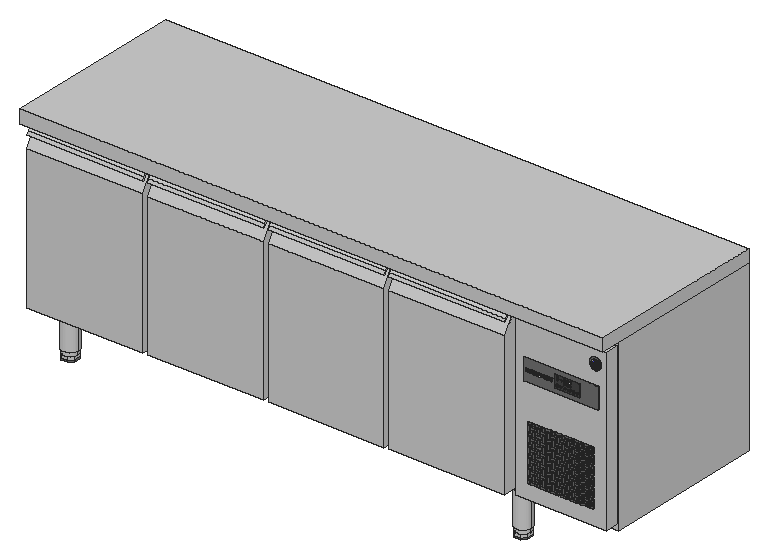
Revit family "QF_HOSHIZAKI_899040840", category Specialty Equipment, Revit 2016 (continued)
Definition of nested family "QF_HOSHIZAKI_899040840_230V_1Ph_50Hz"
  Definition of nested family "Control-panel"
    Forms (mm)
      Extrusion 1, solid
        sketch origin (-3653, 19.5, -135) x (-1, 0, 0) y (0, 0, 1)
          loop
            line (-3881.025, 276.976) -> (-3881.025, 283.976) -> (-3888.025, 283.976) -> (-3888.025, 276.976) -> (-3881.025, 276.976)
          loop
            line (-3862.025, 276.976) -> (-3862.025, 283.976) -> (-3869.025, 283.976) -> (-3869.025, 276.976) -> (-3862.025, 276.976)
          loop
            line (-3843.025, 276.976) -> (-3843.025, 283.976) -> (-3850.025, 283.976) -> (-3850.025, 276.976) -> (-3843.025, 276.976)
          loop
            line (-3824.025, 276.976) -> (-3824.025, 283.976) -> (-3831.025, 283.976) -> (-3831.025, 276.976) -> (-3824.025, 276.976)
          loop
            line (-3805.025, 276.976) -> (-3805.025, 283.976) -> (-3812.025, 283.976) -> (-3812.025, 276.976) -> (-3805.025, 276.976)
          loop
            line (-3786.025, 276.976) -> (-3786.025, 283.976) -> (-3793.025, 283.976) -> (-3793.025, 276.976) -> (-3786.025, 276.976)
          loop
            line (-3767.025, 276.976) -> (-3767.025, 283.976) -> (-3774.025, 283.976) -> (-3774.025, 276.976) -> (-3767.025, 276.976)
          loop
            line (-3748.025, 276.976) -> (-3748.025, 283.976) -> (-3755.025, 283.976) -> (-3755.025, 276.976) -> (-3748.025, 276.976)
          loop
            line (-3729.025, 276.976) -> (-3729.025, 283.976) -> (-3736.025, 283.976) -> (-3736.025, 276.976) -> (-3729.025, 276.976)
          loop
            line (-3710.025, 276.976) -> (-3710.025, 283.976) -> (-3717.025, 283.976) -> (-3717.025, 276.976) -> (-3710.025, 276.976)
          loop
            arc (-3719.5, 279.986) -> (-3723, 283.486) -> (-3726.5, 279.986) r 3.5
            line (-3726.5, 279.986) -> (-3726.5, 261.986)
            arc (-3726.5, 261.986) -> (-3723, 258.486) -> (-3719.5, 261.986) r 3.5
            line (-3719.5, 261.986) -> (-3719.5, 279.986)
          loop
            arc (-3757.5, 279.986) -> (-3761, 283.486) -> (-3764.5, 279.986) r 3.5
            line (-3764.5, 279.986) -> (-3764.5, 261.986)
            arc (-3764.5, 261.986) -> (-3761, 258.486) -> (-3757.5, 261.986) r 3.5
            line (-3757.5, 261.986) -> (-3757.5, 279.986)
          loop
            arc (-3795.5, 279.986) -> (-3799, 283.486) -> (-3802.5, 279.986) r 3.5
            line (-3802.5, 279.986) -> (-3802.5, 261.986)
            arc (-3802.5, 261.986) -> (-3799, 258.486) -> (-3795.5, 261.986) r 3.5
            line (-3795.5, 261.986) -> (-3795.5, 279.986)
          loop
            arc (-3833.5, 279.986) -> (-3837, 283.486) -> (-3840.5, 279.986) r 3.5
            line (-3840.5, 279.986) -> (-3840.5, 261.986)
            arc (-3840.5, 261.986) -> (-3837, 258.486) -> (-3833.5, 261.986) r 3.5
            line (-3833.5, 261.986) -> (-3833.5, 279.986)
          loop
            arc (-3871.5, 279.986) -> (-3875, 283.486) -> (-3878.5, 279.986) r 3.5
            line (-3878.5, 279.986) -> (-3878.5, 261.986)
            arc (-3878.5, 261.986) -> (-3875, 258.486) -> (-3871.5, 261.986) r 3.5
            line (-3871.5, 261.986) -> (-3871.5, 279.986)
          loop
            arc (-3909.5, 279.986) -> (-3913, 283.486) -> (-3916.5, 279.986) r 3.5
            line (-3916.5, 279.986) -> (-3916.5, 261.986)
            arc (-3916.5, 261.986) -> (-3913, 258.486) -> (-3909.5, 261.986) r 3.5
            line (-3909.5, 261.986) -> (-3909.5, 279.986)
          loop
            arc (-3951, 292.986) -> (-3954, 289.986) -> (-3951, 286.986) r 3
            line (-3951, 286.986) -> (-3942, 286.986)
            arc (-3942, 286.986) -> (-3939, 289.986) -> (-3942, 292.986) r 3
            line (-3942, 292.986) -> (-3951, 292.986)
          loop
            arc (-3947.5, 279.986) -> (-3951, 283.486) -> (-3954.5, 279.986) r 3.5
            line (-3954.5, 279.986) -> (-3954.5, 261.986)
            arc (-3954.5, 261.986) -> (-3951, 258.486) -> (-3947.5, 261.986) r 3.5
            line (-3947.5, 261.986) -> (-3947.5, 279.986)
          loop
            arc (-3941, 274.486) -> (-3944.5, 270.986) -> (-3941, 267.486) r 3.5
            line (-3941, 267.486) -> (-3923, 267.486)
            arc (-3923, 267.486) -> (-3919.5, 270.986) -> (-3923, 274.486) r 3.5
            line (-3923, 274.486) -> (-3941, 274.486)
          loop
            arc (-3903, 274.486) -> (-3906.5, 270.986) -> (-3903, 267.486) r 3.5
            line (-3903, 267.486) -> (-3885, 267.486)
            arc (-3885, 267.486) -> (-3881.5, 270.986) -> (-3885, 274.486) r 3.5
            line (-3885, 274.486) -> (-3903, 274.486)
          loop
            arc (-3865, 274.486) -> (-3868.5, 270.986) -> (-3865, 267.486) r 3.5
            line (-3865, 267.486) -> (-3847, 267.486)
            arc (-3847, 267.486) -> (-3843.5, 270.986) -> (-3847, 274.486) r 3.5
            line (-3847, 274.486) -> (-3865, 274.486)
          loop
            arc (-3827, 274.486) -> (-3830.5, 270.986) -> (-3827, 267.486) r 3.5
            line (-3827, 267.486) -> (-3809, 267.486)
            arc (-3809, 267.486) -> (-3805.5, 270.986) -> (-3809, 274.486) r 3.5
            line (-3809, 274.486) -> (-3827, 274.486)
          loop
            arc (-3789, 274.486) -> (-3792.5, 270.986) -> (-3789, 267.486) r 3.5
            line (-3789, 267.486) -> (-3771, 267.486)
            arc (-3771, 267.486) -> (-3767.5, 270.986) -> (-3771, 274.486) r 3.5
            line (-3771, 274.486) -> (-3789, 274.486)
          loop
            arc (-3751, 274.486) -> (-3754.5, 270.986) -> (-3751, 267.486) r 3.5
            line (-3751, 267.486) -> (-3733, 267.486)
            arc (-3733, 267.486) -> (-3729.5, 270.986) -> (-3733, 274.486) r 3.5
            line (-3733, 274.486) -> (-3751, 274.486)
          loop
            arc (-3713, 274.486) -> (-3716.5, 270.986) -> (-3713, 267.486) r 3.5
            line (-3713, 267.486) -> (-3704, 267.486)
            arc (-3704, 267.486) -> (-3700.5, 270.986) -> (-3704, 274.486) r 3.5
            line (-3704, 274.486) -> (-3713, 274.486)
          loop
            line (-3938.025, 264.996) -> (-3945.025, 264.996) -> (-3945.025, 257.996) -> (-3938.025, 257.996) -> (-3938.025, 264.996)
          loop
            line (-3919.025, 264.996) -> (-3926.025, 264.996) -> (-3926.025, 257.996) -> (-3919.025, 257.996) -> (-3919.025, 264.996)
          loop
            line (-3900.025, 264.996) -> (-3907.025, 264.996) -> (-3907.025, 257.996) -> (-3900.025, 257.996) -> (-3900.025, 264.996)
          loop
            line (-3881.025, 264.996) -> (-3888.025, 264.996) -> (-3888.025, 257.996) -> (-3881.025, 257.996) -> (-3881.025, 264.996)
          loop
            line (-3862.025, 264.996) -> (-3869.025, 264.996) -> (-3869.025, 257.996) -> (-3862.025, 257.996) -> (-3862.025, 264.996)
          loop
            line (-3843.025, 264.996) -> (-3850.025, 264.996) -> (-3850.025, 257.996) -> (-3843.025, 257.996) -> (-3843.025, 264.996)
          loop
            line (-3824.025, 264.996) -> (-3831.025, 264.996) -> (-3831.025, 257.996) -> (-3824.025, 257.996) -> (-3824.025, 264.996)
          loop
            line (-3805.025, 264.996) -> (-3812.025, 264.996) -> (-3812.025, 257.996) -> (-3805.025, 257.996) -> (-3805.025, 264.996)
          loop
            line (-3786.025, 264.996) -> (-3793.025, 264.996) -> (-3793.025, 257.996) -> (-3786.025, 257.996) -> (-3786.025, 264.996)
          loop
            line (-3767.025, 264.996) -> (-3774.025, 264.996) -> (-3774.025, 257.996) -> (-3767.025, 257.996) -> (-3767.025, 264.996)
          loop
            line (-3748.025, 264.996) -> (-3755.025, 264.996) -> (-3755.025, 257.996) -> (-3748.025, 257.996) -> (-3748.025, 264.996)
          loop
            line (-3729.025, 264.996) -> (-3736.025, 264.996) -> (-3736.025, 257.996) -> (-3729.025, 257.996) -> (-3729.025, 264.996)
          loop
            line (-3710.025, 264.996) -> (-3717.025, 264.996) -> (-3717.025, 257.996) -> (-3710.025, 257.996) -> (-3710.025, 264.996)
          loop
            line (-3935.5, 260.986) -> (-3935.5, 242.986)
            arc (-3935.5, 242.986) -> (-3932, 239.486) -> (-3928.5, 242.986) r 3.5
            line (-3928.5, 242.986) -> (-3928.5, 260.986)
            arc (-3928.5, 260.986) -> (-3932, 264.486) -> (-3935.5, 260.986) r 3.5
          loop
            line (-3897.5, 260.986) -> (-3897.5, 242.986)
            arc (-3897.5, 242.986) -> (-3894, 239.486) -> (-3890.5, 242.986) r 3.5
            line (-3890.5, 242.986) -> (-3890.5, 260.986)
            arc (-3890.5, 260.986) -> (-3894, 264.486) -> (-3897.5, 260.986) r 3.5
          loop
            line (-3859.5, 260.986) -> (-3859.5, 242.986)
            arc (-3859.5, 242.986) -> (-3856, 239.486) -> (-3852.5, 242.986) r 3.5
            line (-3852.5, 242.986) -> (-3852.5, 260.986)
            arc (-3852.5, 260.986) -> (-3856, 264.486) -> (-3859.5, 260.986) r 3.5
          loop
            line (-3821.5, 260.986) -> (-3821.5, 242.986)
            arc (-3821.5, 242.986) -> (-3818, 239.486) -> (-3814.5, 242.986) r 3.5
            line (-3814.5, 242.986) -> (-3814.5, 260.986)
            arc (-3814.5, 260.986) -> (-3818, 264.486) -> (-3821.5, 260.986) r 3.5
          loop
            line (-3783.5, 260.986) -> (-3783.5, 242.986)
            arc (-3783.5, 242.986) -> (-3780, 239.486) -> (-3776.5, 242.986) r 3.5
            line (-3776.5, 242.986) -> (-3776.5, 260.986)
            arc (-3776.5, 260.986) -> (-3780, 264.486) -> (-3783.5, 260.986) r 3.5
          loop
            line (-3745.5, 260.986) -> (-3745.5, 242.986)
            arc (-3745.5, 242.986) -> (-3742, 239.486) -> (-3738.5, 242.986) r 3.5
            line (-3738.5, 242.986) -> (-3738.5, 260.986)
            arc (-3738.5, 260.986) -> (-3742, 264.486) -> (-3745.5, 260.986) r 3.5
          loop
            line (-3707.5, 260.986) -> (-3707.5, 242.986)
            arc (-3707.5, 242.986) -> (-3704, 239.486) -> (-3700.5, 242.986) r 3.5
            line (-3700.5, 242.986) -> (-3700.5, 260.986)
            arc (-3700.5, 260.986) -> (-3704, 264.486) -> (-3707.5, 260.986) r 3.5
          loop
            arc (-3922, 255.486) -> (-3925.5, 251.986) -> (-3922, 248.486) r 3.5
            line (-3922, 248.486) -> (-3904, 248.486)
            arc (-3904, 248.486) -> (-3900.5, 251.986) -> (-3904, 255.486) r 3.5
            line (-3904, 255.486) -> (-3922, 255.486)
          loop
            arc (-3884, 255.486) -> (-3887.5, 251.986) -> (-3884, 248.486) r 3.5
            line (-3884, 248.486) -> (-3866, 248.486)
            arc (-3866, 248.486) -> (-3862.5, 251.986) -> (-3866, 255.486) r 3.5
            line (-3866, 255.486) -> (-3884, 255.486)
          loop
            arc (-3846, 255.486) -> (-3849.5, 251.986) -> (-3846, 248.486) r 3.5
            line (-3846, 248.486) -> (-3828, 248.486)
            arc (-3828, 248.486) -> (-3824.5, 251.986) -> (-3828, 255.486) r 3.5
            line (-3828, 255.486) -> (-3846, 255.486)
          loop
            arc (-3808, 255.486) -> (-3811.5, 251.986) -> (-3808, 248.486) r 3.5
            line (-3808, 248.486) -> (-3790, 248.486)
            arc (-3790, 248.486) -> (-3786.5, 251.986) -> (-3790, 255.486) r 3.5
            line (-3790, 255.486) -> (-3808, 255.486)
          loop
            arc (-3770, 255.486) -> (-3773.5, 251.986) -> (-3770, 248.486) r 3.5
            line (-3770, 248.486) -> (-3752, 248.486)
            arc (-3752, 248.486) -> (-3748.5, 251.986) -> (-3752, 255.486) r 3.5
            line (-3752, 255.486) -> (-3770, 255.486)
          loop
            arc (-3732, 255.486) -> (-3735.5, 251.986) -> (-3732, 248.486) r 3.5
            line (-3732, 248.486) -> (-3714, 248.486)
            arc (-3714, 248.486) -> (-3710.5, 251.986) -> (-3714, 255.486) r 3.5
            line (-3714, 255.486) -> (-3732, 255.486)
          loop
            line (-3938.025, 238.976) -> (-3938.025, 245.976) -> (-3945.025, 245.976) -> (-3945.025, 238.976) -> (-3938.025, 238.976)
          loop
            line (-3919.025, 238.976) -> (-3919.025, 245.976) -> (-3926.025, 245.976) -> (-3926.025, 238.976) -> (-3919.025, 238.976)
          loop
            line (-3900.025, 238.976) -> (-3900.025, 245.976) -> (-3907.025, 245.976) -> (-3907.025, 238.976) -> (-3900.025, 238.976)
          loop
            line (-3881.025, 238.976) -> (-3881.025, 245.976) -> (-3888.025, 245.976) -> (-3888.025, 238.976) -> (-3881.025, 238.976)
          loop
            line (-3862.025, 238.976) -> (-3862.025, 245.976) -> (-3869.025, 245.976) -> (-3869.025, 238.976) -> (-3862.025, 238.976)
          loop
            line (-3843.025, 238.976) -> (-3843.025, 245.976) -> (-3850.025, 245.976) -> (-3850.025, 238.976) -> (-3843.025, 238.976)
          loop
            line (-3824.025, 238.976) -> (-3824.025, 245.976) -> (-3831.025, 245.976) -> (-3831.025, 238.976) -> (-3824.025, 238.976)
          loop
            line (-3805.025, 238.976) -> (-3805.025, 245.976) -> (-3812.025, 245.976) -> (-3812.025, 238.976) -> (-3805.025, 238.976)
          loop
            line (-3786.025, 238.976) -> (-3786.025, 245.976) -> (-3793.025, 245.976) -> (-3793.025, 238.976) -> (-3786.025, 238.976)
          loop
            line (-3767.025, 238.976) -> (-3767.025, 245.976) -> (-3774.025, 245.976) -> (-3774.025, 238.976) -> (-3767.025, 238.976)
          loop
            line (-3748.025, 238.976) -> (-3748.025, 245.976) -> (-3755.025, 245.976) -> (-3755.025, 238.976) -> (-3748.025, 238.976)
          loop
            line (-3729.025, 238.976) -> (-3729.025, 245.976) -> (-3736.025, 245.976) -> (-3736.025, 238.976) -> (-3729.025, 238.976)
          loop
            line (-3710.025, 238.976) -> (-3710.025, 245.976) -> (-3717.025, 245.976) -> (-3717.025, 238.976) -> (-3710.025, 238.976)
          loop
            arc (-3719.5, 241.986) -> (-3723, 245.486) -> (-3726.5, 241.986) r 3.5
            line (-3726.5, 241.986) -> (-3726.5, 223.986)
            arc (-3726.5, 223.986) -> (-3723, 220.486) -> (-3719.5, 223.986) r 3.5
            line (-3719.5, 223.986) -> (-3719.5, 241.986)
          loop
            arc (-3757.5, 241.986) -> (-3761, 245.486) -> (-3764.5, 241.986) r 3.5
            line (-3764.5, 241.986) -> (-3764.5, 223.986)
            arc (-3764.5, 223.986) -> (-3761, 220.486) -> (-3757.5, 223.986) r 3.5
            line (-3757.5, 223.986) -> (-3757.5, 241.986)
          loop
            arc (-3795.5, 241.986) -> (-3799, 245.486) -> (-3802.5, 241.986) r 3.5
            line (-3802.5, 241.986) -> (-3802.5, 223.986)
            arc (-3802.5, 223.986) -> (-3799, 220.486) -> (-3795.5, 223.986) r 3.5
            line (-3795.5, 223.986) -> (-3795.5, 241.986)
          loop
            arc (-3833.5, 241.986) -> (-3837, 245.486) -> (-3840.5, 241.986) r 3.5
            line (-3840.5, 241.986) -> (-3840.5, 223.986)
            arc (-3840.5, 223.986) -> (-3837, 220.486) -> (-3833.5, 223.986) r 3.5
            line (-3833.5, 223.986) -> (-3833.5, 241.986)
          loop
            arc (-3871.5, 241.986) -> (-3875, 245.486) -> (-3878.5, 241.986) r 3.5
            line (-3878.5, 241.986) -> (-3878.5, 223.986)
            arc (-3878.5, 223.986) -> (-3875, 220.486) -> (-3871.5, 223.986) r 3.5
            line (-3871.5, 223.986) -> (-3871.5, 241.986)
          loop
            arc (-3909.5, 241.986) -> (-3913, 245.486) -> (-3916.5, 241.986) r 3.5
            line (-3916.5, 241.986) -> (-3916.5, 223.986)
            arc (-3916.5, 223.986) -> (-3913, 220.486) -> (-3909.5, 223.986) r 3.5
            line (-3909.5, 223.986) -> (-3909.5, 241.986)
          loop
            arc (-3951, 254.986) -> (-3954, 251.986) -> (-3951, 248.986) r 3
            line (-3951, 248.986) -> (-3942, 248.986)
            arc (-3942, 248.986) -> (-3939, 251.986) -> (-3942, 254.986) r 3
            line (-3942, 254.986) -> (-3951, 254.986)
          loop
            arc (-3947.5, 241.986) -> (-3951, 245.486) -> (-3954.5, 241.986) r 3.5
            line (-3954.5, 241.986) -> (-3954.5, 223.986)
            arc (-3954.5, 223.986) -> (-3951, 220.486) -> (-3947.5, 223.986) r 3.5
            line (-3947.5, 223.986) -> (-3947.5, 241.986)
          loop
            arc (-3941, 236.486) -> (-3944.5, 232.986) -> (-3941, 229.486) r 3.5
            line (-3941, 229.486) -> (-3923, 229.486)
            arc (-3923, 229.486) -> (-3919.5, 232.986) -> (-3923, 236.486) r 3.5
            line (-3923, 236.486) -> (-3941, 236.486)
          loop
            arc (-3903, 236.486) -> (-3906.5, 232.986) -> (-3903, 229.486) r 3.5
            line (-3903, 229.486) -> (-3885, 229.486)
            arc (-3885, 229.486) -> (-3881.5, 232.986) -> (-3885, 236.486) r 3.5
            line (-3885, 236.486) -> (-3903, 236.486)
          loop
            arc (-3865, 236.486) -> (-3868.5, 232.986) -> (-3865, 229.486) r 3.5
            line (-3865, 229.486) -> (-3847, 229.486)
            arc (-3847, 229.486) -> (-3843.5, 232.986) -> (-3847, 236.486) r 3.5
            line (-3847, 236.486) -> (-3865, 236.486)
          loop
            arc (-3827, 236.486) -> (-3830.5, 232.986) -> (-3827, 229.486) r 3.5
            line (-3827, 229.486) -> (-3809, 229.486)
            arc (-3809, 229.486) -> (-3805.5, 232.986) -> (-3809, 236.486) r 3.5
            line (-3809, 236.486) -> (-3827, 236.486)
          loop
            arc (-3789, 236.486) -> (-3792.5, 232.986) -> (-3789, 229.486) r 3.5
            line (-3789, 229.486) -> (-3771, 229.486)
            arc (-3771, 229.486) -> (-3767.5, 232.986) -> (-3771, 236.486) r 3.5
            line (-3771, 236.486) -> (-3789, 236.486)
          loop
            arc (-3751, 236.486) -> (-3754.5, 232.986) -> (-3751, 229.486) r 3.5
            line (-3751, 229.486) -> (-3733, 229.486)
            arc (-3733, 229.486) -> (-3729.5, 232.986) -> (-3733, 236.486) r 3.5
            line (-3733, 236.486) -> (-3751, 236.486)
          loop
            arc (-3713, 236.486) -> (-3716.5, 232.986) -> (-3713, 229.486) r 3.5
            line (-3713, 229.486) -> (-3704, 229.486)
            arc (-3704, 229.486) -> (-3700.5, 232.986) -> (-3704, 236.486) r 3.5
            line (-3704, 236.486) -> (-3713, 236.486)
          loop
            line (-3938.025, 226.996) -> (-3945.025, 226.996) -> (-3945.025, 219.996) -> (-3938.025, 219.996) -> (-3938.025, 226.996)
          loop
            line (-3919.025, 226.996) -> (-3926.025, 226.996) -> (-3926.025, 219.996) -> (-3919.025, 219.996) -> (-3919.025, 226.996)
          loop
            line (-3900.025, 226.996) -> (-3907.025, 226.996) -> (-3907.025, 219.996) -> (-3900.025, 219.996) -> (-3900.025, 226.996)
          loop
            line (-3881.025, 226.996) -> (-3888.025, 226.996) -> (-3888.025, 219.996) -> (-3881.025, 219.996) -> (-3881.025, 226.996)
          loop
            line (-3862.025, 226.996) -> (-3869.025, 226.996) -> (-3869.025, 219.996) -> (-3862.025, 219.996) -> (-3862.025, 226.996)
          loop
            line (-3843.025, 226.996) -> (-3850.025, 226.996) -> (-3850.025, 219.996) -> (-3843.025, 219.996) -> (-3843.025, 226.996)
          loop
            line (-3824.025, 226.996) -> (-3831.025, 226.996) -> (-3831.025, 219.996) -> (-3824.025, 219.996) -> (-3824.025, 226.996)
          loop
            line (-3805.025, 226.996) -> (-3812.025, 226.996) -> (-3812.025, 219.996) -> (-3805.025, 219.996) -> (-3805.025, 226.996)
          loop
            line (-3786.025, 226.996) -> (-3793.025, 226.996) -> (-3793.025, 219.996) -> (-3786.025, 219.996) -> (-3786.025, 226.996)
          loop
            line (-3767.025, 226.996) -> (-3774.025, 226.996) -> (-3774.025, 219.996) -> (-3767.025, 219.996) -> (-3767.025, 226.996)
          loop
            line (-3748.025, 226.996) -> (-3755.025, 226.996) -> (-3755.025, 219.996) -> (-3748.025, 219.996) -> (-3748.025, 226.996)
          loop
            line (-3729.025, 226.996) -> (-3736.025, 226.996) -> (-3736.025, 219.996) -> (-3729.025, 219.996) -> (-3729.025, 226.996)
          loop
            line (-3710.025, 226.996) -> (-3717.025, 226.996) -> (-3717.025, 219.996) -> (-3710.025, 219.996) -> (-3710.025, 226.996)
          loop
            arc (-3922, 217.486) -> (-3925.5, 213.986) -> (-3922, 210.486) r 3.5
            line (-3922, 210.486) -> (-3904, 210.486)
            arc (-3904, 210.486) -> (-3900.5, 213.986) -> (-3904, 217.486) r 3.5
            line (-3904, 217.486) -> (-3922, 217.486)
          loop
            arc (-3884, 217.486) -> (-3887.5, 213.986) -> (-3884, 210.486) r 3.5
            line (-3884, 210.486) -> (-3866, 210.486)
            arc (-3866, 210.486) -> (-3862.5, 213.986) -> (-3866, 217.486) r 3.5
            line (-3866, 217.486) -> (-3884, 217.486)
          loop
            arc (-3846, 217.486) -> (-3849.5, 213.986) -> (-3846, 210.486) r 3.5
            line (-3846, 210.486) -> (-3828, 210.486)
            arc (-3828, 210.486) -> (-3824.5, 213.986) -> (-3828, 217.486) r 3.5
            line (-3828, 217.486) -> (-3846, 217.486)
          loop
            arc (-3808, 217.486) -> (-3811.5, 213.986) -> (-3808, 210.486) r 3.5
            line (-3808, 210.486) -> (-3790, 210.486)
            arc (-3790, 210.486) -> (-3786.5, 213.986) -> (-3790, 217.486) r 3.5
            line (-3790, 217.486) -> (-3808, 217.486)
          loop
            arc (-3770, 217.486) -> (-3773.5, 213.986) -> (-3770, 210.486) r 3.5
            line (-3770, 210.486) -> (-3752, 210.486)
            arc (-3752, 210.486) -> (-3748.5, 213.986) -> (-3752, 217.486) r 3.5
            line (-3752, 217.486) -> (-3770, 217.486)
          loop
            arc (-3732, 217.486) -> (-3735.5, 213.986) -> (-3732, 210.486) r 3.5
            line (-3732, 210.486) -> (-3714, 210.486)
            arc (-3714, 210.486) -> (-3710.5, 213.986) -> (-3714, 217.486) r 3.5
            line (-3714, 217.486) -> (-3732, 217.486)
          loop
            arc (-3951, 216.986) -> (-3954, 213.986) -> (-3951, 210.986) r 3
            line (-3951, 210.986) -> (-3942, 210.986)
            arc (-3942, 210.986) -> (-3939, 213.986) -> (-3942, 216.986) r 3
            line (-3942, 216.986) -> (-3951, 216.986)
          loop
            arc (-3701, 223.486) -> (-3704, 226.486) -> (-3707, 223.486) r 3
            line (-3707, 223.486) -> (-3707, 214.486)
            arc (-3707, 214.486) -> (-3704, 211.486) -> (-3701, 214.486) r 3
            line (-3701, 214.486) -> (-3701, 223.486)
          loop
            arc (-3739, 223.486) -> (-3742, 226.486) -> (-3745, 223.486) r 3
            line (-3745, 223.486) -> (-3745, 214.486)
            arc (-3745, 214.486) -> (-3742, 211.486) -> (-3739, 214.486) r 3
            line (-3739, 214.486) -> (-3739, 223.486)
          loop
            arc (-3777, 223.486) -> (-3780, 226.486) -> (-3783, 223.486) r 3
            line (-3783, 223.486) -> (-3783, 214.486)
            arc (-3783, 214.486) -> (-3780, 211.486) -> (-3777, 214.486) r 3
            line (-3777, 214.486) -> (-3777, 223.486)
          loop
            arc (-3815, 223.486) -> (-3818, 226.486) -> (-3821, 223.486) r 3
            line (-3821, 223.486) -> (-3821, 214.486)
            arc (-3821, 214.486) -> (-3818, 211.486) -> (-3815, 214.486) r 3
            line (-3815, 214.486) -> (-3815, 223.486)
          loop
            arc (-3853, 223.486) -> (-3856, 226.486) -> (-3859, 223.486) r 3
            line (-3859, 223.486) -> (-3859, 214.486)
            arc (-3859, 214.486) -> (-3856, 211.486) -> (-3853, 214.486) r 3
            line (-3853, 214.486) -> (-3853, 223.486)
          loop
            arc (-3891, 223.486) -> (-3894, 226.486) -> (-3897, 223.486) r 3
            line (-3897, 223.486) -> (-3897, 214.486)
            arc (-3897, 214.486) -> (-3894, 211.486) -> (-3891, 214.486) r 3
            line (-3891, 214.486) -> (-3891, 223.486)
          loop
            arc (-3929, 223.486) -> (-3932, 226.486) -> (-3935, 223.486) r 3
            line (-3935, 223.486) -> (-3935, 214.486)
            arc (-3935, 214.486) -> (-3932, 211.486) -> (-3929, 214.486) r 3
            line (-3929, 214.486) -> (-3929, 223.486)
        from 5.5 to 7.5
      Extrusion 2, solid
        sketch origin (-1812, 19.5, -302.5) x (-1, 0, 0) y (0, 0, 1)
          loop
            line (-2131, 808) -> (-2131, 731)
            arc (-2131, 731) -> (-2130.121, 728.879) -> (-2128, 728) r 3
            line (-2128, 728) -> (-1845, 728)
            arc (-1845, 728) -> (-1842.879, 728.879) -> (-1842, 731) r 3
            line (-1842, 731) -> (-1842, 808)
            arc (-1842, 808) -> (-1842.879, 810.121) -> (-1845, 811) r 3
            line (-1845, 811) -> (-2128, 811)
            arc (-2128, 811) -> (-2130.121, 810.121) -> (-2131, 808) r 3
        from 5.5 to 7.5
      Extrusion 3, solid
        sketch origin (-1721.829, 19.5, -302.5) x (-1, 0, 0) y (0, 0, 1)
          loop
            line (-1873, 793) -> (-1968.159, 793) -> (-1968.159, 746) -> (-1873, 746) -> (-1873, 793)
        from 5 to 7.5
      Extrusion 4, solid, visible <- "Show Logo"
        sketch origin (-1807, 19.5, -188.5) x (-1, 0, 0) y (0, 0, 1)
          loop
            circle (-2113.5, 769.5) r 13.99
        from 4.5 to 6
      Extrusion 5, solid, visible <- "Show Logo"
        sketch origin (-1807, 19.5, -188.5) x (-1, 0, 0) y (0, 0, 1)
          loop
            circle (-2113.5, 769.5) r 15
          loop
            line (-2126.5, 769.5) -> (-2120.846, 773.459) -> (-2118.907, 773.459) -> (-2118.036, 763.497) -> (-2119.632, 763.497) -> (-2117.808, 760.891) -> (-2122.091, 759.743)
            arc (-2122.091, 759.743) -> (-2112.99, 756.51) -> (-2104.171, 760.446) r 13
            line (-2104.171, 760.446) -> (-2111.913, 760.446) -> (-2113.024, 758.523) -> (-2117.6, 758.523) -> (-2113.951, 764.843) -> (-2112.168, 762.297) -> (-2110.969, 763.497) -> (-2112.161, 767.945) -> (-2112.983, 771.014) -> (-2114.045, 774.979) -> (-2115.629, 777.241) -> (-2111.344, 777.241) -> (-2110.01, 772.26) -> (-2108.361, 772.26) -> (-2107.029, 770.928) -> (-2104.038, 769.201) -> (-2103.03, 765.437) -> (-2100.604, 767.863)
            arc (-2100.604, 767.863) -> (-2112.68, 782.474) -> (-2126.5, 769.5) r 13
          loop
            arc (-2125.531, 764.467) -> (-2124.506, 762.602) -> (-2123.241, 760.891) r 15.828
            line (-2123.241, 760.891) -> (-2121.071, 768.926) -> (-2125.531, 764.467)
          loop
            line (-2109.801, 769.877) -> (-2109.801, 764.664) -> (-2108.483, 768.285) -> (-2106.744, 769.399) -> (-2109.801, 769.877)
          loop
            line (-2108.558, 762.979) -> (-2105.47, 762.035) -> (-2104.504, 761.224) -> (-2103.812, 761.916) -> (-2105.089, 763.908) -> (-2108.558, 762.979)
          loop
            line (-2110.775, 779.307) -> (-2108.457, 780.388) -> (-2110.775, 781.009) -> (-2110.775, 779.307)
          loop
            line (-2113.024, 781.662) -> (-2115.087, 781.11) -> (-2114.199, 779.205) -> (-2112.584, 779.638) -> (-2113.79, 780.335) -> (-2113.024, 781.662)
          loop
            line (-2113.762, 753.783) -> (-2114.844, 752.701) -> (-2116.385, 752.701) -> (-2115.329, 751.645) -> (-2115.642, 749.874) -> (-2113.762, 750.959) -> (-2111.881, 749.874) -> (-2112.194, 751.645) -> (-2111.138, 752.701) -> (-2112.679, 752.701) -> (-2113.762, 753.783)
          loop
            line (-2126.524, 760.7) -> (-2128.032, 760.965) -> (-2128.916, 762.228) -> (-2129.176, 760.757) -> (-2130.805, 759.997) -> (-2128.838, 759.08) -> (-2128.648, 756.917) -> (-2127.377, 758.188) -> (-2125.906, 757.929) -> (-2126.79, 759.191) -> (-2126.524, 760.7)
          loop
            line (-2120.989, 755.68) -> (-2122.45, 755.219) -> (-2123.816, 755.931) -> (-2123.367, 754.507) -> (-2124.462, 753.08) -> (-2122.293, 753.175) -> (-2121.127, 751.344) -> (-2120.586, 753.059) -> (-2119.162, 753.508) -> (-2120.529, 754.219) -> (-2120.989, 755.68)
          loop
            line (-2100.476, 760.7) -> (-2100.21, 759.191) -> (-2101.094, 757.929) -> (-2099.623, 758.188) -> (-2098.352, 756.917) -> (-2098.162, 759.08) -> (-2096.195, 759.997) -> (-2097.824, 760.757) -> (-2098.084, 762.228) -> (-2098.968, 760.965) -> (-2100.476, 760.7)
          loop
            line (-2106.011, 755.68) -> (-2106.471, 754.219) -> (-2107.838, 753.508) -> (-2106.414, 753.059) -> (-2105.873, 751.344) -> (-2104.707, 753.175) -> (-2102.538, 753.08) -> (-2103.633, 754.507) -> (-2103.184, 755.931) -> (-2104.55, 755.219) -> (-2106.011, 755.68)
        from 4 to 6
      Extrusion 6, solid, visible <- "Show Logo"
        sketch origin (-1807, 19.5, -188.5) x (-1, 0, 0) y (0, 0, 1)
          loop
            line (-2110.775, 781.009) -> (-2112.201, 782.435)
            arc (-2112.201, 782.435) -> (-2113.187, 782.496) -> (-2114.172, 782.435) r 8.046
            arc (-2114.172, 782.435) -> (-2116.517, 781.025) -> (-2117.04, 778.339) r 3.366
            line (-2117.04, 778.339) -> (-2118.907, 773.459) -> (-2117.808, 760.891) -> (-2119.436, 758.565) -> (-2117.576, 758.565) -> (-2113.951, 764.843) -> (-2112.168, 762.297) -> (-2110.969, 763.497) -> (-2114.045, 774.979) -> (-2115.629, 777.241) -> (-2111.299, 777.241) -> (-2110.775, 779.307) -> (-2110.775, 781.009)
          loop
            line (-2116.531, 758.523) -> (-2117.14, 757.468) -> (-2111.822, 757.468) -> (-2112.761, 758.407) -> (-2109.605, 758.407) -> (-2110.682, 759.485) -> (-2112.469, 759.485) -> (-2113.024, 758.523) -> (-2116.531, 758.523)
          loop
            line (-2113.024, 781.662) -> (-2115.087, 781.11) -> (-2114.199, 779.205) -> (-2112.584, 779.638) -> (-2113.79, 780.335) -> (-2113.024, 781.662)
        from 4 to 6
      Extrusion 7, solid, visible <- "Show Logo"
        sketch origin (-1807, 19.5, -188.5) x (-1, 0, 0) y (0, 0, 1)
          loop
            circle (-2113.5, 769.5) r 22.5
        from 5 to 7.5
      Extrusion 8, solid
        sketch origin (-1721.829, 19.5, -302.5) x (-1, 0, 0) y (0, 0, 1)
          loop
            line (-1897.356, 754.233) -> (-1901.676, 760.18) -> (-1902.485, 759.592) -> (-1897.356, 752.532) -> (-1892.226, 759.592) -> (-1893.035, 760.18) -> (-1897.356, 754.233)
          loop
            line (-1895.298, 779.667) -> (-1903.298, 779.667) -> (-1899.298, 774.161) -> (-1895.298, 779.667)
          loop
            arc (-1884, 780.828) -> (-1883, 775) -> (-1882, 780.828) r 3
            line (-1882, 780.828) -> (-1882, 789)
            arc (-1882, 789) -> (-1883, 790) -> (-1884, 789) r 1
            line (-1884, 789) -> (-1884, 780.828)
          loop
            line (-1936.977, 758.753) -> (-1936.977, 757.753) -> (-1935.558, 757.753) -> (-1935.558, 753.753) -> (-1934.558, 753.753) -> (-1934.558, 757.753) -> (-1933.139, 757.753) -> (-1933.139, 758.753) -> (-1936.977, 758.753)
          loop
            line (-1932.115, 758.753) -> (-1932.115, 757.753) -> (-1929.56, 757.753) -> (-1929.56, 756.753) -> (-1932.115, 756.753) -> (-1932.115, 755.753) -> (-1929.56, 755.753) -> (-1929.56, 754.846) -> (-1932.115, 754.846) -> (-1932.115, 753.959) -> (-1928.597, 753.959) -> (-1928.597, 758.753) -> (-1932.115, 758.753)
          loop
            arc (-1924.65, 754.079) -> (-1924.044, 754.636) -> (-1923.817, 755.427) r 1.523
            line (-1923.817, 755.427) -> (-1924.894, 755.427)
            arc (-1924.894, 755.427) -> (-1925.223, 754.677) -> (-1926.036, 754.57) r 0.834
            arc (-1926.036, 754.57) -> (-1926.426, 755.149) -> (-1926.036, 755.728) r 0.624
            line (-1926.036, 755.728) -> (-1924.4, 756.389)
            arc (-1924.4, 756.389) -> (-1923.819, 757.429) -> (-1924.4, 758.468) r 1.22
            arc (-1924.4, 758.468) -> (-1925.609, 758.837) -> (-1926.845, 758.566) r 2.5
            arc (-1926.845, 758.566) -> (-1927.43, 758.007) -> (-1927.61, 757.218) r 1.408
            line (-1927.61, 757.218) -> (-1926.501, 757.218)
            arc (-1926.501, 757.218) -> (-1926.119, 757.761) -> (-1925.46, 757.843) r 0.819
            arc (-1925.46, 757.843) -> (-1925.082, 757.298) -> (-1925.527, 756.805) r 0.534
            arc (-1925.527, 756.805) -> (-1926.174, 756.645) -> (-1926.79, 756.389) r 4.401
            arc (-1926.79, 756.389) -> (-1927.499, 755.234) -> (-1926.79, 754.079) r 1.296
            arc (-1926.79, 754.079) -> (-1925.72, 753.823) -> (-1924.65, 754.079) r 2.364
          loop
            line (-1958.87, 752.532) -> (-1958.87, 755.934)
            arc (-1958.87, 755.934) -> (-1958.222, 756.503) -> (-1957.723, 757.207) r 3.697
            arc (-1957.723, 757.207) -> (-1957.553, 757.851) -> (-1957.699, 758.502) r 1.401
            arc (-1957.699, 758.502) -> (-1958.144, 759.265) -> (-1958.709, 759.944) r 5.307
            arc (-1958.709, 759.944) -> (-1959.239, 760.424) -> (-1959.82, 760.841) r 6.284
            arc (-1959.82, 760.841) -> (-1960.356, 760.997) -> (-1960.892, 760.841) r 1
            arc (-1960.892, 760.841) -> (-1961.473, 760.424) -> (-1962.003, 759.944) r 6.284
            arc (-1962.003, 759.944) -> (-1962.568, 759.265) -> (-1963.013, 758.502) r 5.307
            arc (-1963.013, 758.502) -> (-1963.159, 757.851) -> (-1962.988, 757.207) r 1.401
            arc (-1962.988, 757.207) -> (-1962.49, 756.503) -> (-1961.842, 755.934) r 3.697
            line (-1961.842, 755.934) -> (-1961.842, 752.532) -> (-1958.87, 752.532)
          loop
            line (-1882.858, 757.309) -> (-1881.853, 757.309) -> (-1881.853, 762) -> (-1882.858, 762) -> (-1882.858, 757.309)
          loop
            line (-1881.418, 759.222) -> (-1881.418, 760.609)
            arc (-1881.418, 760.609) -> (-1882.356, 752) -> (-1883.294, 760.609) r 4.356
            line (-1883.294, 760.609) -> (-1883.294, 759.222)
            arc (-1883.294, 759.222) -> (-1882.356, 753.34) -> (-1881.418, 759.222) r 3.016
          loop
            line (-1942.482, 755.817) -> (-1943.482, 755.817) -> (-1943.482, 752.817) -> (-1942.482, 752.817) -> (-1942.482, 755.817)
          loop
            line (-1944.856, 754.447) -> (-1945.856, 754.447) -> (-1945.856, 751.447) -> (-1944.856, 751.447) -> (-1944.856, 754.447)
          loop
            line (-1948.23, 755.817) -> (-1948.23, 752.817) -> (-1947.23, 752.817) -> (-1947.23, 755.817) -> (-1948.23, 755.817)
          loop
            line (-1945.356, 755.607) -> (-1942.858, 757.356) -> (-1943.431, 758.175) -> (-1945.356, 756.827) -> (-1947.28, 758.175) -> (-1947.854, 757.356) -> (-1945.356, 755.607)
          loop
            line (-1945.356, 758.296) -> (-1943.128, 760.523) -> (-1943.835, 761.23) -> (-1945.356, 759.71) -> (-1946.876, 761.23) -> (-1947.583, 760.523) -> (-1945.356, 758.296)
          loop
            line (-1912.356, 758.479) -> (-1908.035, 752.532) -> (-1907.226, 753.12) -> (-1912.356, 760.18) -> (-1917.485, 753.12) -> (-1916.676, 752.532) -> (-1912.356, 758.479)
          loop
            line (-1919.965, 768) -> (-1908.298, 768) -> (-1908.298, 779.667) -> (-1916.632, 779.667) -> (-1916.632, 784.667) -> (-1908.298, 784.667) -> (-1908.298, 788) -> (-1919.965, 788) -> (-1919.965, 776.333) -> (-1911.632, 776.333) -> (-1911.632, 771.333) -> (-1919.965, 771.333) -> (-1919.965, 768)
          loop
            line (-1934.965, 768) -> (-1923.298, 768) -> (-1923.298, 779.667) -> (-1931.632, 779.667) -> (-1931.632, 784.667) -> (-1923.298, 784.667) -> (-1923.298, 788) -> (-1934.965, 788) -> (-1934.965, 776.333) -> (-1926.632, 776.333) -> (-1926.632, 771.333) -> (-1934.965, 771.333) -> (-1934.965, 768)
        from 5 to 7.5
      Extrusion 9, solid, visible <- "Show Logo"
        sketch origin (5.605, 25.5, -94.508) x (-1, 0, 0) y (0, 0, 1)
          loop
            line (-34.966, 567.015) -> (-40.766, 567.015) -> (-40.766, 565.73) -> (-38.944, 564.902) -> (-38.944, 562.682) -> (-43.554, 562.682) -> (-43.554, 564.902) -> (-41.731, 565.73) -> (-41.731, 567.015) -> (-47.532, 567.015) -> (-47.532, 565.73) -> (-46.098, 564.902) -> (-46.098, 558.114) -> (-47.532, 557.286) -> (-47.532, 556) -> (-41.731, 556) -> (-41.731, 557.286) -> (-43.554, 558.114) -> (-43.554, 560.673) -> (-38.944, 560.673) -> (-38.944, 558.114) -> (-40.766, 557.286) -> (-40.766, 556) -> (-34.966, 556) -> (-34.966, 557.286) -> (-36.4, 558.114) -> (-36.4, 564.902) -> (-34.966, 565.73) -> (-34.966, 567.015)
          loop
            spline (-53.399, 556.042) -> (-51.878, 556.229) -> (-50.461, 556.777) -> (-49.244, 557.649) -> (-48.31, 558.785) -> (-47.723, 560.108) -> (-47.523, 561.528) -> (-47.723, 562.949) -> (-48.31, 564.272) -> (-49.244, 565.408) -> (-50.461, 566.28) -> (-51.878, 566.828) -> (-53.399, 567.015)
            spline (-53.399, 567.015) -> (-54.92, 566.828) -> (-56.337, 566.28) -> (-57.554, 565.408) -> (-58.488, 564.272) -> (-59.075, 562.949) -> (-59.276, 561.528) -> (-59.075, 560.108) -> (-58.488, 558.785) -> (-57.554, 557.649) -> (-56.337, 556.777) -> (-54.92, 556.229) -> (-53.399, 556.042)
          loop
            spline (-53.299, 557.388) -> (-52.547, 557.529) -> (-51.847, 557.943) -> (-51.245, 558.601) -> (-50.784, 559.458) -> (-50.493, 560.457) -> (-50.394, 561.528) -> (-50.493, 562.6) -> (-50.784, 563.598) -> (-51.245, 564.456) -> (-51.847, 565.114) -> (-52.547, 565.527) -> (-53.299, 565.668)
            spline (-53.299, 565.668) -> (-54.051, 565.527) -> (-54.752, 565.114) -> (-55.353, 564.456) -> (-55.815, 563.598) -> (-56.105, 562.6) -> (-56.204, 561.528) -> (-56.105, 560.457) -> (-55.815, 559.458) -> (-55.353, 558.601) -> (-54.752, 557.943) -> (-54.051, 557.529) -> (-53.299, 557.388)
          loop
            line (-69.829, 567.094) -> (-69.829, 563.369) -> (-68.139, 563.369) -> (-66.541, 565.495)
            arc (-66.541, 565.495) -> (-65.019, 565.695) -> (-63.498, 565.495) r 5.879
            arc (-63.498, 565.495) -> (-62.682, 564.432) -> (-63.498, 563.369) r 1.1
            line (-63.498, 563.369) -> (-69.29, 561.817)
            arc (-69.29, 561.817) -> (-70.234, 559.317) -> (-69.29, 556.817) r 3.783
            arc (-69.29, 556.817) -> (-65.84, 555.742) -> (-62.391, 556.817) r 6.071
            line (-62.391, 556.817) -> (-61.743, 556.17) -> (-59.855, 556.17) -> (-59.855, 559.779) -> (-61.862, 559.779) -> (-63.839, 557.802)
            arc (-63.839, 557.802) -> (-65.344, 557.537) -> (-66.85, 557.802) r 4.401
            arc (-66.85, 557.802) -> (-67.476, 558.697) -> (-66.85, 559.592) r 0.953
            line (-66.85, 559.592) -> (-61.612, 561.499)
            arc (-61.612, 561.499) -> (-59.989, 563.999) -> (-61.612, 566.499) r 2.737
            arc (-61.612, 566.499) -> (-64.578, 567.129) -> (-67.544, 566.499) r 7.289
            line (-67.544, 566.499) -> (-68.139, 567.094) -> (-69.829, 567.094)
          loop
            line (-71.301, 567.015) -> (-77.102, 567.015) -> (-77.102, 565.73) -> (-75.279, 564.902) -> (-75.279, 562.682) -> (-79.89, 562.682) -> (-79.89, 564.902) -> (-78.067, 565.73) -> (-78.067, 567.015) -> (-83.867, 567.015) -> (-83.867, 565.73) -> (-82.433, 564.902) -> (-82.433, 558.114) -> (-83.867, 557.286) -> (-83.867, 556) -> (-78.067, 556) -> (-78.067, 557.286) -> (-79.89, 558.114) -> (-79.89, 560.673) -> (-75.279, 560.673) -> (-75.279, 558.114) -> (-77.102, 557.286) -> (-77.102, 556) -> (-71.301, 556) -> (-71.301, 557.286) -> (-72.736, 558.114) -> (-72.736, 564.902) -> (-71.301, 565.73) -> (-71.301, 567.015)
          loop
            line (-90.776, 567.015) -> (-90.776, 565.73) -> (-89.342, 564.902) -> (-89.342, 558.114) -> (-90.776, 557.286) -> (-90.776, 556) -> (-84.989, 556) -> (-84.989, 557.286) -> (-86.423, 558.114) -> (-86.423, 564.902) -> (-84.989, 565.73) -> (-84.989, 567.015) -> (-90.776, 567.015)
          loop
            line (-92.073, 567.015) -> (-101.842, 567.015) -> (-101.842, 565.297) -> (-95.543, 557.791) -> (-98.873, 557.791) -> (-100.144, 558.681) -> (-100.144, 560.456) -> (-101.842, 560.456) -> (-101.842, 556) -> (-92.073, 556) -> (-92.073, 557.791) -> (-97.907, 564.744) -> (-97.907, 565.637) -> (-94.625, 565.637) -> (-93.746, 564.758) -> (-93.746, 562.341) -> (-92.073, 562.341) -> (-92.073, 567.015)
          loop
            line (-102.808, 556) -> (-102.808, 557.427) -> (-103.934, 557.427) -> (-107.808, 567.015) -> (-109.97, 567.015) -> (-113.886, 557.791) -> (-114.741, 557.791) -> (-114.741, 556) -> (-109.113, 556) -> (-109.113, 557.427) -> (-110.221, 557.427) -> (-111.13, 558.335) -> (-110.247, 559.596) -> (-106.153, 559.596) -> (-105.593, 558.058) -> (-106.224, 557.427) -> (-107.808, 557.427) -> (-107.808, 556) -> (-102.808, 556)
          loop
            line (-115.159, 567.015) -> (-120.444, 567.015) -> (-120.444, 565.595) -> (-119.405, 565.595) -> (-119.405, 561.351) -> (-123.648, 565.595) -> (-122.274, 565.595) -> (-122.274, 567.015) -> (-127.274, 567.015) -> (-127.274, 565.595) -> (-125.79, 565.595) -> (-123.002, 562.806) -> (-127.274, 557.791) -> (-128.486, 557.791) -> (-128.486, 556) -> (-122.274, 556) -> (-122.274, 557.791) -> (-123.993, 557.791) -> (-120.99, 560.794) -> (-119.405, 559.209) -> (-119.405, 557.791) -> (-120.444, 557.791) -> (-120.444, 556) -> (-115.444, 556) -> (-115.444, 557.791) -> (-116.869, 557.791) -> (-116.869, 565.595) -> (-115.159, 565.595) -> (-115.159, 567.015)
          loop
            line (-135, 567.015) -> (-135, 565.73) -> (-133.566, 564.902) -> (-133.566, 558.114) -> (-135, 557.286) -> (-135, 556) -> (-129.213, 556) -> (-129.213, 557.286) -> (-130.648, 558.114) -> (-130.648, 564.902) -> (-129.213, 565.73) -> (-129.213, 567.015) -> (-135, 567.015)
          loop
            line (-108.15, 564.538) -> (-109.61, 561.096) -> (-106.759, 561.096) -> (-108.15, 564.538)
        from 1 to -1
    Dimensions and locks
      plane 4 to plane 2 = 650 mm
      plane 4 to level = 650 mm
      aligned and locked: level to plane 2
Definition of nested family "QF_HOSHIZAKI_ADVANCE_REF-COUNTER-WORKTOPS"
  Parameters (values of type "760660203")
    Worktop without backsplash = yes
    Worktop with backsplash = no
    Worktop thickness [instance] = 50 mm
    Without worktop = no
    Weight [instance] = 0.00 kg
    URL Cutsheet [instance] = ""
    URL = "www.hoshizaki-europe.com"
    Status [instance] = ""
    Specification by User [instance] = ""
    Specification by Manufacturer [instance] = ""
    Serial Number [instance] = ""
    Seismic Rating [instance] = ""
    SMACNA No [instance] = ""
    Revision Code [instance] = ""
    NAFEM Spec ID Number [instance] = ""
    Model = "760660203"
    Masterspec [instance] = ""
    Manufacturer = "HOSHIZAKI"
    Length Actual [instance] = 2246 mm
    Item Number [instance] = ""
    Installed By [instance] = ""
    Identify Quantity as Lot [instance] = no
    Height Actual [instance] = 50 mm
    Furnished By [instance] = ""
    Foodservice Equipment Identifier [instance] = no
    Description = "FLAT WORKTOP FOR ACR 225 (AISI 430)"
    Depth Actual [instance] = 700 mm
    Cost = 0
    CSI MasterFormat [instance] = ""
    Backsplash thickness [instance] = 20 mm
    Backsplash height [instance] = 100 mm
    Assembly Code = "E1090320"
    Accessory [instance] = yes
  Reference planes
    plane 1 "Back": y = 0
    plane 2: z = 0
    plane 3 "Left": x = 0
    plane 4 "Right": x = 2246
    plane 5 "Front": y = -700
    plane 6 "Top": z = 50
    plane 7 "Backsplash thickness": y = -20
    plane 8 "Upright height": z = 150
    plane 9 "Center Left Right": x = 1123
  Forms (mm)
    Extrusion 1, solid, visible <- "Worktop with backsplash"
      sketch origin (0, 0, 0) x (0, 1, 0) y (0, 0, 1)
        loop
          line (0, 150) -> (-20, 150) -> (-20, 50) -> (-700, 50) -> (-700, 0) -> (0, 0) -> (0, 150)
      from 0 to 2246
    Extrusion 2, solid, visible <- "Worktop without backsplash"
      sketch origin (0, 0, 0) x (0, 1, 0) y (0, 0, 1)
        loop
          line (0, 0) -> (0, 50) -> (-700, 50) -> (-700, 0) -> (0, 0)
      from 0 to 2246
  Lines and regions (mm)
    Masking region 1, visible <- "Worktop with backsplash"
      outline origin (0, 0, 50) x (0, 1, 0) y (-1, 0, 0)
        loop
          line (0, 0) -> (-700, 0) -> (-700, -2246) -> (0, -2246) -> (0, 0)
    Masking region 2, visible <- "Worktop without backsplash"
      outline origin (0, 0, 50) x (0, 1, 0) y (-1, 0, 0)
        loop
          line (0, 0) -> (-700, 0) -> (-700, -2246) -> (0, -2246) -> (0, 0)
    symbolic lines, visible <- "Worktop with backsplash"
      curve 1: line (0, 0, 0) -> (2246, 0, 0)
      curve 2: line (2246, 0, 0) -> (2246, -700, 0)
      curve 3: line (2246, -700, 0) -> (0, -700, 0)
      curve 4: line (0, -700, 0) -> (0, 0, 0)
      curve 5: line (0, -20, 0) -> (2246, -20, 0)
    symbolic lines, visible <- "Worktop without backsplash"
      curve 6: line (0, 0, 0) -> (2246, 0, 0)
      curve 7: line (2246, 0, 0) -> (2246, -700, 0)
      curve 8: line (2246, -700, 0) -> (0, -700, 0)
      curve 9: line (0, -700, 0) -> (0, 0, 0)
    symbolic lines, visible <- "Without worktop"
      curve 10: line (0, 0, 0) -> (2246, 0, 0)
      curve 11: line (2246, 0, 0) -> (2246, -700, 0)
      curve 12: line (2246, -700, 0) -> (0, -700, 0)
      curve 13: line (0, -700, 0) -> (0, 0, 0)
    reference lines
      curve 14: line (1123, 0, 150) -> (1123, -20, 150)
      curve 15: line (0, -700, 50) -> (2246, -700, 50)
      curve 16: line (2246, -700, 50) -> (2246, 0, 50)
      curve 17: line (0, -700, 50) -> (0, 0, 50)
      curve 18: line (0, 0, 50) -> (2246, 0, 50)
      curve 19: line (1123, 0, 50) -> (1123, -700, 50)
  Dimensions and locks
    "Length Actual": plane 3 "Left" to plane 4 "Right"
    "Depth Actual": plane 5 "Front" to plane 1 "Back"
    "Backsplash thickness": plane 7 "Backsplash thickness" to plane 1 "Back"
    "Backsplash height": plane 8 "Upright height" to plane 6 "Top"
    "Backsplash height": curve 14 to plane 6 "Top"
    "Depth Actual": curve 15 to plane 1 "Back"
    "Length Actual": plane 3 "Left" to curve 16
    "Length Actual": curve 17 to plane 4 "Right"
    "Depth Actual": curve 18 to plane 5 "Front"
    equal spacing: plane 3 "Left", plane 9 "Center Left Right", plane 4 "Right"
    "Worktop thickness": plane 6 "Top" to plane 2
    "Worktop thickness": curve 19 to plane 2
    aligned and locked: level to plane 2
    aligned and locked: Extrusion 1 to plane 4 "Right"
    aligned and locked: Extrusion 1 sketch curve to plane 7 "Backsplash thickness"
    aligned and locked: curve 5 to plane 7 "Backsplash thickness"
    aligned and locked: plane 8 "Upright height" to Extrusion 1 sketch curve
    aligned and locked: plane 6 "Top" to Extrusion 1 sketch curve
    aligned and locked: plane 6 "Top" to Extrusion 2 sketch curve
    aligned and locked: Extrusion 2 sketch curve to plane 1 "Back"
    aligned and locked: Extrusion 2 sketch curve to plane 5 "Front"
    aligned and locked: Extrusion 2 to plane 4 "Right"
    aligned and locked: Masking region 1 sketch curve to Extrusion 1  (x4)
    aligned and locked: Masking region 2 sketch curve to Extrusion 1  (x4)
    aligned and locked: Extrusion 2 sketch curve to plane 2
    aligned and locked: Extrusion 1 sketch curve to plane 2
  Automatic sketch dimensions
    plane 1 "Back" to curve 1 = 0 mm
    curve 13 to plane 3 "Left" = 0 mm
    curve 7 to plane 4 "Right" = 0 mm
    curve 13 to plane 5 "Front" = 0 mm
    Extrusion 1 sketch curve to plane 1 "Back" = 0 mm
    plane 5 "Front" to Extrusion 1 sketch curve = 0 mm
    curve 19 to plane 1 "Back" = 0 mm
    curve 14 to plane 1 "Back" = 0 mm
    curve 14 to plane 7 "Backsplash thickness" = 0 mm
    curve 19 to plane 5 "Front" = 0 mm
Definition of nested family "QF_HOSHIZAKI_ADVANCE_REF-COUNTER-DOORS-DRAWERS"
  Parameters (values of type "760660485-R")
    Weight [instance] = 0.00 kg
    URL Cutsheet [instance] = ""
    URL = "www.hoshizaki-europe.com"
    Status [instance] = ""
    Specification by User [instance] = ""
    Specification by Manufacturer [instance] = ""
    Serial Number [instance] = ""
    Seismic Rating [instance] = ""
    Section size [instance] = 446 mm
    Section [instance] = 2
    SMACNA No [instance] = ""
    Right hand hinged glass door [instance] = Section = 7  # no
    Right hand hinged door [instance] = Section = 2  # yes
    Revision Code [instance] = ""
    NAFEM Spec ID Number [instance] = ""
    Model = "760660485"
    Masterspec [instance] = ""
    Manufacturer = "HOSHIZAKI"
    Length Actual [instance] = 0 mm
    Left hand hinged glass door [instance] = Section = 6  # no
    Left hand hinged door [instance] = or(Section > 7, Section < 2)  # no
    Item Number [instance] = ""
    Installed By [instance] = ""
    Identify Quantity as Lot [instance] = no
    Height Actual [instance] = 0 mm
    Furnished By [instance] = ""
    Foodservice Equipment Identifier [instance] = no
    Description = "DOOR SECTION - RIGHT OPENING DOOR FOR ADVANCE COUNTER"
    Depth Actual [instance] = 0 mm
    Cost = 0
    CSI MasterFormat [instance] = ""
    Assembly Code = "E1090320"
    Accessory [instance] = yes
    3 Drawers [instance] = Section = 5  # no
    2 Drawers 1-3 and 2-3 [instance] = Section = 4  # no
    2 Drawers [instance] = Section = 3  # no
  Reference planes
    plane 1 "Back": y = 0
    plane 2: z = 0
    plane 3 "Left": x = 0
    plane 4 "Right": x = 446
    plane 5 "Front": y = 0
    plane 6 "Top": z = 700
    plane 7 "Front door": y = 80
  Dimensions and locks
    "Section size": plane 3 "Left" to plane 4 "Right"
    plane 6 "Top" to level = 700 mm
    locked: plane 7 "Front door" to plane 5 "Front" at 80
    aligned and locked: level to plane 2
    aligned and locked: plane 1 "Back" to nested 1
    aligned and locked: plane 3 "Left" to nested 1
    aligned and locked: plane 1 "Back" to nested 2
    aligned and locked: plane 3 "Left" to nested 2
    aligned and locked: plane 1 "Back" to nested 3
    aligned and locked: plane 3 "Left" to nested 3
    aligned and locked: plane 1 "Back" to nested 4
    aligned and locked: plane 3 "Left" to nested 4
    aligned and locked: plane 3 "Left" to nested 5
    aligned and locked: plane 1 "Back" to nested 5
    aligned and locked: plane 3 "Left" to nested 6
    aligned and locked: plane 1 "Back" to nested 6
    aligned and locked: plane 3 "Left" to nested 7
    aligned and locked: plane 1 "Back" to nested 7
  Nested families
    nested 1: "Right_Door" at (0, 0, 0), Section size <- "Section size", type "Right door"
      with Worktop thickness 50 mm, Section size 446 mm, Legs height 0 mm, Height Actual 700 mm, Depth Actual 0 mm
    nested 2: "Left_Door" at (0, 0, 0), Section size <- "Section size", type "Left door"
      with Worktop thickness 50 mm, Section size 446 mm, Legs height 0 mm, Height Actual 700 mm, Depth Actual 0 mm, Left hand hinged door no
    nested 3: "3_Drawers_1-3" at (0, 0, 0), Section size <- "Section size", type "3 Drawers 1-3"
      with Worktop thickness 50 mm, Section size 446 mm, Legs height 0 mm, Height Actual 700 mm, Depth Actual 0 mm, 3 Drawers no
    nested 4: "2_Drawers_1-2" at (0, 0, 0), Section size <- "Section size", type "2 Drawers 1-2"
      with Worktop thickness 50 mm, Section size 446 mm, Legs height 0 mm, Height Actual 700 mm, Depth Actual 0 mm, 2 Drawers no
    nested 5: "3_Drawers_1-3_2-3" at (0, 0, 0), Section size <- "Section size", type "2 Drawers 1-3 and 2-3"
      with Worktop thickness 40 mm, Section size 446 mm, Legs height 0 mm, Height Actual 750 mm, Depth Actual 0 mm, 2 Drawers 1-3 and 2-3 no
    nested 6: "Right_Glass_Door" at (0, 0, 0), Section size <- "Section size", type "Right glass door"
      with Worktop thickness 40 mm, Section size 446 mm, Legs height 0 mm, Height Actual 750 mm, Depth Actual 0 mm, Right hand hinged glass door no
    nested 7: "Left_Glass_Door" at (0, 0, 0), Section size <- "Section size", type "Left glass door"
      with Worktop thickness 40 mm, Section size 446 mm, Legs height 0 mm, Height Actual 750 mm, Depth Actual 0 mm, Left hand hinged glass door no
  Definition of nested family "Right_Door"
    Parameters (values of type "Right door")
      Worktop thickness [instance] = 50 mm
      URL = "www.specifiglobal.com"
      Section size [instance] = 446 mm
      Right hand hinged door = yes
      Model = ""
      Manufacturer = "DEMO CONSULTANT"
      Legs height [instance] = 150 mm
      Height Actual [instance] = 850 mm
      Description = ""
      Depth Actual [instance] = 700 mm
      Assembly Code = "E1090320"
    Reference planes
      plane 1 "Back": y = 0
      plane 2: z = 0
      plane 3 "Left": x = 0
      plane 4 "Right": x = 446
      plane 5 "Front": y = -700
      plane 6 "Top": z = 850
      plane 7 "Front door": y = -633
      plane 8 "Bottom shelf": z = 150
      plane 9 "Worktop bottom": z = 800
      plane 10: z = 784
      plane 11: z = 170
    Forms (mm)
      Extrusion 1, solid, visible <- "Right hand hinged door", detail levels coarse
        sketch origin (0, -608.657, 170) x (0, 1, 0) y (-1, 0, 0)
          loop
            arc (-85.343, 0) -> (-400.712, -130.63) -> (-531.343, -446) r 446
            line (-531.343, -446) -> (-85.343, -446) -> (-85.343, 0)
        from 0 to 614
      Extrusion 2, solid, visible <- "Right hand hinged door"
        sketch origin (860, -633, 4000) x (-1, 0, 0) y (0, 0, 1)
          loop
            line (852, -3224) -> (422, -3224) -> (422, -3822) -> (852, -3822) -> (852, -3224)
          loop
            line (823, -3253) -> (451, -3253) -> (451, -3793) -> (823, -3793) -> (823, -3253)
        from 0 to -11
      Extrusion 3, solid, visible <- "Right hand hinged door"
        sketch origin (0, 0, 0) x (0, 1, 0) y (0, 0, 1)
          loop
            line (-644, 784) -> (-675.296, 784)
            arc (-675.296, 784) -> (-683.245, 781.721) -> (-688.778, 775.576) r 15
            line (-688.778, 775.576) -> (-694, 764.869) -> (-692.202, 763.992) -> (-686.981, 774.699)
            arc (-686.981, 774.699) -> (-682.185, 780.025) -> (-675.296, 782) r 13
            line (-675.296, 782) -> (-656.484, 782) -> (-694, 717.02) -> (-694, 170) -> (-644, 170) -> (-644, 784)
        from 0 to 446
    Lines and regions (mm)
      symbolic lines, visible <- "Right hand hinged door"
        curve 1: line (446, -700, 850) -> (446, -1140, 850)
        curve 2: arc (0.04, -700, 850) -> (132.759, -1011.484, 850) -> (446, -1140, 850) r 446
    Dimensions and locks
      "Section size": plane 3 "Left" to plane 4 "Right"
      "Depth Actual": plane 5 "Front" to plane 1 "Back"
      "Height Actual": plane 6 "Top" to level
      locked: plane 7 "Front door" to plane 5 "Front" at 67
      "Legs height": plane 8 "Bottom shelf" to plane 2
      "Worktop thickness": plane 6 "Top" to plane 9 "Worktop bottom"
      locked: plane 11 to plane 8 "Bottom shelf" at 20
      locked: plane 9 "Worktop bottom" to plane 10 at 16
      aligned and locked: level to plane 2
      aligned and locked: Extrusion 1 to plane 10
      aligned and locked: Extrusion 3 to plane 4 "Right"
      aligned and locked: curve 2 to Extrusion 1
      aligned and locked: plane 10 to Extrusion 3 sketch curve
      aligned and locked: Extrusion 3 sketch curve to plane 11
    Automatic sketch dimensions
      plane 4 "Right" to Extrusion 2 sketch curve = 8 mm
      plane 4 "Right" to Extrusion 2 sketch curve = 37 mm
      plane 3 "Left" to Extrusion 2 sketch curve = 37 mm
      plane 3 "Left" to Extrusion 2 sketch curve = 8 mm
      plane 11 to Extrusion 2 sketch curve = 8 mm
      plane 11 to Extrusion 2 sketch curve = 37 mm
      Extrusion 2 sketch curve to plane 10 = 37 mm
      Extrusion 2 sketch curve to plane 10 = 8 mm
      Extrusion 1 sketch curve to plane 4 "Right" = 0 mm
      Extrusion 1 sketch curve to plane 3 "Left" = 0 mm
      plane 5 "Front" to Extrusion 1 sketch curve = 6 mm
      curve 1 to plane 5 "Front" = 0 mm
      curve 2 to plane 5 "Front" = 0 mm
      Extrusion 3 sketch curve to Extrusion 3 sketch curve = 0 mm  (x2)
      Extrusion 3 sketch curve to plane 7 "Front door" = 61 mm  (x2)
      Extrusion 3 sketch curve to Extrusion 3 sketch curve = 1.798 mm  (x2)
      Extrusion 3 sketch curve to plane 10 = 8.424 mm
      Extrusion 3 sketch curve to Extrusion 3 sketch curve = 5.222 mm
      Extrusion 3 sketch curve to plane 10 = 9.301 mm
      Extrusion 3 sketch curve to plane 7 "Front door" = 42.296 mm
      Extrusion 3 sketch curve to plane 7 "Front door" = 23.484 mm
      Extrusion 3 sketch curve to Extrusion 3 sketch curve = 12.484 mm
      Extrusion 3 sketch curve to Extrusion 3 sketch curve = 46.972 mm
  Definition of nested family "Left_Door"
    Parameters (values of type "Left door")
      Worktop thickness [instance] = 50 mm
      URL = "www.specifiglobal.com"
      Section size [instance] = 450 mm
      Model = ""
      Manufacturer = "DEMO CONSULTANT"
      Legs height [instance] = 150 mm
      Left hand hinged door = yes
      Height Actual [instance] = 850 mm
      Description = ""
      Depth Actual [instance] = 700 mm
      Assembly Code = "E1090320"
    Reference planes
      plane 1 "Back": y = 0
      plane 2: z = 0
      plane 3 "Left": x = 0
      plane 4 "Right": x = 450
      plane 5 "Front": y = -700
      plane 6 "Top": z = 850
      plane 7 "Front door": y = -633
      plane 8 "Bottom shelf": z = 150
      plane 9 "Worktop bottom": z = 800
      plane 10: z = 784
      plane 11: z = 170
    Forms (mm)
      Extrusion 1, solid, visible <- "Left hand hinged door"
        sketch origin (860, -633, 4000) x (-1, 0, 0) y (0, 0, 1)
          loop
            line (852, -3224) -> (418, -3224) -> (418, -3822) -> (852, -3822) -> (852, -3224)
          loop
            line (823, -3253) -> (447, -3253) -> (447, -3793) -> (823, -3793) -> (823, -3253)
        from 0 to -11
      Extrusion 2, solid, visible <- "Left hand hinged door"
        sketch origin (0, 0, 0) x (0, 1, 0) y (0, 0, 1)
          loop
            line (-644, 784) -> (-675.296, 784)
            arc (-675.296, 784) -> (-683.245, 781.721) -> (-688.778, 775.576) r 15
            line (-688.778, 775.576) -> (-694, 764.869) -> (-692.202, 763.992) -> (-686.981, 774.699)
            arc (-686.981, 774.699) -> (-682.185, 780.025) -> (-675.296, 782) r 13
            line (-675.296, 782) -> (-656.484, 782) -> (-694, 717.02) -> (-694, 170) -> (-644, 170) -> (-644, 784)
        from 0 to 450
      Extrusion 3, solid, visible <- "Left hand hinged door", detail levels coarse
        sketch origin (0, -608.657, 170) x (0, 1, 0) y (-1, 0, 0)
          loop
            line (-85.343, -450) -> (-85.343, 0) -> (-535.343, 0)
            arc (-535.343, 0) -> (-403.541, -318.198) -> (-85.343, -450) r 450
        from 0 to 614
    Lines and regions (mm)
      symbolic lines, visible <- "Left hand hinged door"
        curve 1: line (0, -700, 850) -> (0, -1144, 850)
        curve 2: arc (0, -1144, 850) -> (316.07, -1014.312, 850) -> (449.96, -700, 850) r 450
    Dimensions and locks
      "Section size": plane 3 "Left" to plane 4 "Right"
      "Depth Actual": plane 5 "Front" to plane 1 "Back"
      "Height Actual": plane 6 "Top" to level
      locked: plane 7 "Front door" to plane 5 "Front" at 67
      "Legs height": plane 8 "Bottom shelf" to plane 2
      "Worktop thickness": plane 6 "Top" to plane 9 "Worktop bottom"
      locked: plane 11 to plane 8 "Bottom shelf" at 20
      locked: plane 9 "Worktop bottom" to plane 10 at 16
      aligned and locked: level to plane 2
      aligned and locked: Extrusion 2 to plane 4 "Right"
      aligned and locked: Extrusion 3 to plane 10
      aligned and locked: curve 2 to Extrusion 3
      aligned and locked: plane 10 to Extrusion 2 sketch curve
      aligned and locked: Extrusion 2 sketch curve to plane 11
    Automatic sketch dimensions
      plane 4 "Right" to Extrusion 1 sketch curve = 8 mm
      plane 4 "Right" to Extrusion 1 sketch curve = 37 mm
      plane 3 "Left" to Extrusion 1 sketch curve = 37 mm
      plane 3 "Left" to Extrusion 1 sketch curve = 8 mm
      plane 11 to Extrusion 1 sketch curve = 8 mm
      plane 11 to Extrusion 1 sketch curve = 37 mm
      Extrusion 1 sketch curve to plane 10 = 37 mm
      Extrusion 1 sketch curve to plane 10 = 8 mm
      Extrusion 3 sketch curve to plane 3 "Left" = 0 mm
      Extrusion 3 sketch curve to plane 4 "Right" = 0 mm
